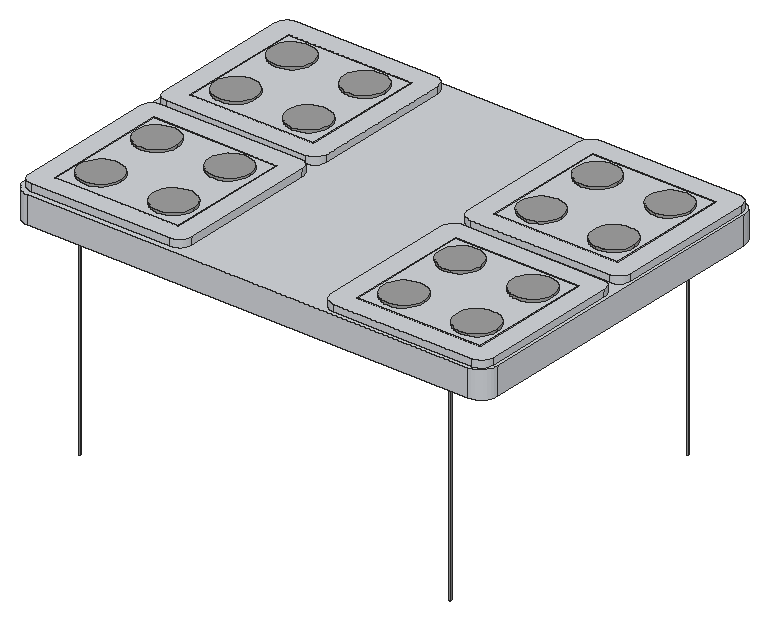
Revit family "Lighting-Industrial-GEWISS-SMART[4]HE_HIGHBAYS-LED_4M", category Apparecchi per illuminazione, Revit 2019
Family settings
  Quota connettore circolare = Usa diametro
  Tipo di parte = Normale
  Numero OmniClass = 23.80.70.00
  Titolo OmniClass = Lighting
  Basato su piano di lavoro = Sì
  Sempre verticale = No
  Taglio con vuoti quando caricato = No
  Sorgente d'illuminazione = No
  Condiviso = No
  Punto di calcolo locali = No
Parameters (values of type "GWS4422AQ857 - SMART4HB 4M C.PAS.ON/OFF ELL.57K")
  Wiring = "With GW connect watertight connector"
  Weight (kg): = "13,5"
  Warranty = "5 years"
  Voltaggio = 230 V
  Version file RFA = "20.11"
  Unique digital code (Datamatrix) = "Datamatrix"
  Unified Glare Rating = "-"
  URL = "https://www.gewiss.com/ww/en"
  Type of light source = "LED - Not replaceable"
  Tilt- = "With bracket accessory"
  Technical sheet = "https://www.gewiss.com/ww/en/search?q=GWS4422AQ857"
  System power = "189W"
  Supply voltage = "220 - 240 V"
  Stocking temperature = "-40 +70 °C"
  Standards and approvals = "-"
  Standard- = "EN 60598-1 ; EN 60598-2-1 ; EN 60598-2-24"
  Standard Deviation Colour Matching = "SDCM = 3"
  Spostamento_y_etichetta [instance] = 0 mm
  Spostamento_y_effettivo_etichetta [instance] = 1500 mm - Spostamento_y_etichetta  # 1500 mm
  Spostamento_x_etichetta [instance] = 0 mm
  Spostamento_x_effettivo_etichetta [instance] = 1500 mm - Spostamento_x_etichetta  # 1500 mm
  Shock resistance = "IK08"
  Shield type = "Tempered glass Thickness 4mm"
  SEO = "High bay"
  Realized by GEWISS S.p.A. = ""
  Rated frequency (Hz) = "50/60 Hz"
  Produttore = "GEWISS S.p.A."
  Photobiological Risk Class = "RG0"
  Overvoltage protection = "DM 6kV / CM 6kV"
  Optic and illuminating features = "-"
  Optic Maintenance = "Non-replaceable"
  Optic : = "Metallic PC reflector and PMMA lenses"
  Optic = "Elliptical"
  Operating temperature : = "-30°C ÷ +50 °C"
  Offset etichetta W [instance] = 150 mm
  Mouting and installation = "Ceiling - Wallmounting - Suspension"
  Modello = "GWS4422AQ857"
  Maximum surface exposed to the wind : = "0,350 m²"
  Materials = "-"
  Luminaire = "LED Industrial Reflector "
  Lumen output (lm) = "25100"
  Locking Hook = "-"
  Lifetime = "L90B10 (Tq+25°C) = 70.000 h - L90B10 (Tq+50°C) = 35.000 h"
  Lampada = "LED"
  LED Maintenance = "Non-replaceable"
  Insulation class = "I"
  Installationa and maintenance = "-"
  Immagine tipo = GWL1371.jpg
  IPEA = "-"
  IP degree = "IP66"
  IFC.TypeObject = ""
  IFC.ExportType = ""
  IFC.ExportAs = ""
  IDT = "6890b37086db4f8589ec8274e910b374"
  IDF = "235e4ef1-f93a-4013-a195-ab1449f62d2e"
  Glow Wire Test : = "850 °C"
  General information = "-"
  Gasket = "anti-aging silicone"
  Fixing = "-"
  External screw = "Stainless steel"
  Etichetta wattaggio [instance] = yes
  Spessore plafoniera = 40 mm  # constant formula
  Default Elevation = 1219.2 mm
  Proiettsmart4_simb [instance] = yes
  Plafoniera_bidimensionale [instance] = not(Proiettsmart4_simb)  # no
  Eletrical and lighting features = "-"
  Electrocod = "2444"
  Efficiency (lm/W) = "133"
  Driver Box = "Built-in"
  Driver = "Included"
  Device with reduced surface temperature = "Yes"
  Descrizione = "SMART[4]HB 4M C.PAS.ON/OFF ELL.57K"
  DIN 18032-3 certification = "With Bracket - Rope Kit + terminal&nbsp;(in approval)"
  Control System : = "ON / OFF"
  Control System = "ON / OFF"
  Context = "Lighting for industries and large sports facilities"
  Commenti sul wattaggio = "194W"
  Colour temperature = "5700K"
  Colour : = "Grey RAL 7035"
  Colour = "Grey RAL 7035"
  Color Rendering Index = "CRI-80"
  Classificazione = Lighting
  Classification: = "-"
  Catalogue = "LIGHTING"
  Carico apparente = 194 VA
  Lunghezza = 700 mm  # constant formula
  Larghezza = 504 mm  # constant formula
  Distanza_tot_plafoniera [instance] = 300 mm
  Distanza Sorg_Lum = 21.458 mm
  COBie.Tagnumber = ""
  COBie.CreatedOn = ""
  COBie.CreatebBy = ""
  COBie.ComponentRegisterItemID = ""
  COBie.Component.TagNumber = ""
  COBie.Component.Space = ""
  COBie.Component.SerialNumber = ""
  COBie.Component.InstallationDate = ""
  COBie.Component.Description = ""
  COBie.Component.BarCode = ""
  Body = "PA6 \"Halogen Free\" loaded fibreglass"
  Application = "Internal"
Types (36, lengths in mm): name | Unified Glare Rating | Technical sheet | SEO | Optic : | Optic | Modello | Lumen output (lm) | IDT | Efficiency (lm/W) | Descrizione | Colour temperature
  GWS4420AA830 - SMART4HB 4M ST.AL.ON/OFF ARR.30K | "UGR - 25" | "https://www.gewiss.com/ww/en/search?q=GWS4420AA830" | "" | "Metallized polycarbonate reflector" | "Array" | "GWS4420AA830" | "26700" | "4e0c0e58445f4e6bb806d6fc5e0ac675" | "141" | "SMART[4]HB 4M ST.AL.ON/OFF ARR.30K" | "3000K"
  GWS4420AA840 - SMART4HB 4M ST.AL.ON/OFF ARR.40K | "UGR - 25" | "https://www.gewiss.com/ww/en/search?q=GWS4420AA840" | "" | "Metallized polycarbonate reflector" | "Array" | "GWS4420AA840" | "28000" | "eebb22c9028a41cf902ca09310723cf1" | "148" | "SMART[4]HB 4M ST.AL.ON/OFF ARR.40K" | "4000K"
  GWS4420AA857 - SMART4HB 4M ST.AL.ON/OFF ARR.57K | "UGR - 25" | "https://www.gewiss.com/ww/en/search?q=GWS4420AA857" | "" | "Metallized polycarbonate reflector" | "Array" | "GWS4420AA857" | "28000" | "97e396ef24f74fc4aa103d35442bb234" | "148" | "SMART[4]HB 4M ST.AL.ON/OFF ARR.57K" | "5700K"
  GWS4420AC830 - SMART4HB 4M ST.AL.ON/OFF ASI.30K | "-" | "https://www.gewiss.com/ww/en/search?q=GWS4420AC830" | "High bay" | "Metallic PC reflector and PMMA lenses" | "Asymmetrical" | "GWS4420AC830" | "23900" | "178c4ecc585c4b079646763e97eabc12" | "126" | "SMART[4]HB 4M ST.AL.ON/OFF ASI.30K" | "3000K"
  GWS4420AC840 - SMART4HB 4M ST.AL.ON/OFF ASI.40K | "-" | "https://www.gewiss.com/ww/en/search?q=GWS4420AC840" | "High bay" | "Metallic PC reflector and PMMA lenses" | "Asymmetrical" | "GWS4420AC840" | "25100" | "a7922c87939b4761b0b5e7f05192ed32" | "133" | "SMART[4]HB 4M ST.AL.ON/OFF ASI.40K" | "4000K"
  GWS4420AC857 - SMART4HB 4M ST.AL.ON/OFF ASI.57K | "-" | "https://www.gewiss.com/ww/en/search?q=GWS4420AC857" | "High bay" | "Metallic PC reflector and PMMA lenses" | "Asymmetrical" | "GWS4420AC857" | "25100" | "b0c5ae25ac0848648d162299e4621cb9" | "133" | "SMART[4]HB 4M ST.AL.ON/OFF ASI.57K" | "5700K"
  GWS4420AF830 - SMART4HB 4M ST.AL.ON/OFF 30° 30K | "UGR - 19" | "https://www.gewiss.com/ww/en/search?q=GWS4420AF830" | "" | "Metallic PC reflector and PMMA lenses" | "30°" | "GWS4420AF830" | "26400" | "6655a54e95824026a0f280fc267ea869" | "140" | "SMART[4]HB 4M ST.AL.ON/OFF 30° 30K" | "3000K"
  GWS4420AF840 - SMART4HB 4M ST.AL.ON/OFF 30° 40K | "UGR - 19" | "https://www.gewiss.com/ww/en/search?q=GWS4420AF840" | "" | "Metallic PC reflector and PMMA lenses" | "30°" | "GWS4420AF840" | "27700" | "3f29aacfd3434814921446541a990021" | "147" | "SMART[4]HB 4M ST.AL.ON/OFF 30° 40K" | "4000K"
  GWS4420AF857 - SMART4HB 4M ST.AL.ON/OFF 30° 57K | "UGR - 19" | "https://www.gewiss.com/ww/en/search?q=GWS4420AF857" | "" | "Metallic PC reflector and PMMA lenses" | "30°" | "GWS4420AF857" | "27700" | "44effba00e624a32b4234a9822825670" | "147" | "SMART[4]HB 4M ST.AL.ON/OFF 30° 57K" | "5700K"
  GWS4420AH830 - SMART4HB 4M ST.AL.ON/OFF 60° 30K | "UGR - 19" | "https://www.gewiss.com/ww/en/search?q=GWS4420AH830" | "" | "Metallic PC reflector and PMMA lenses" | "60°" | "GWS4420AH830" | "26800" | "03c4418b48b3449b83b7d33f23de3248" | "142" | "SMART[4]HB 4M ST.AL.ON/OFF 60° 30K" | "3000K"
  GWS4420AH840 - SMART4HB 4M ST.AL.ON/OFF 60° 40K | "UGR - 19" | "https://www.gewiss.com/ww/en/search?q=GWS4420AH840" | "" | "Metallic PC reflector and PMMA lenses" | "60°" | "GWS4420AH840" | "28100" | "a850fd89ff46449a9d2888df6548251b" | "149" | "SMART[4]HB 4M ST.AL.ON/OFF 60° 40K" | "4000K"
  GWS4420AH857 - SMART4HB 4M ST.AL.ON/OFF 60° 57K | "UGR - 19" | "https://www.gewiss.com/ww/en/search?q=GWS4420AH857" | "" | "Metallic PC reflector and PMMA lenses" | "60°" | "GWS4420AH857" | "28100" | "414549eb60ae4fccbb3a203492c0e55a" | "149" | "SMART[4]HB 4M ST.AL.ON/OFF 60° 57K" | "5700K"
  GWS4420AP830 - SMART4HB 4M ST.AL.ON/OFF 90° 30K | "UGR - 22" | "https://www.gewiss.com/ww/en/search?q=GWS4420AP830" | "" | "Metallic PC reflector and PMMA lenses" | "90°" | "GWS4420AP830" | "27000" | "d894099a77e94d10b1f8b1f7cb790c2a" | "143" | "SMART[4]HB 4M ST.AL.ON/OFF 90° 30K" | "3000K"
  GWS4420AP840 - SMART4HB 4M ST.AL.ON/OFF 90° 40K | "UGR - 22" | "https://www.gewiss.com/ww/en/search?q=GWS4420AP840" | "" | "Metallic PC reflector and PMMA lenses" | "90°" | "GWS4420AP840" | "28300" | "076409e97e7848bf9a1e53078dd3edad" | "150" | "SMART[4]HB 4M ST.AL.ON/OFF 90° 40K" | "4000K"
  GWS4420AP857 - SMART4HB 4M ST.AL.ON/OFF 90° 57K | "UGR - 22" | "https://www.gewiss.com/ww/en/search?q=GWS4420AP857" | "" | "Metallic PC reflector and PMMA lenses" | "90°" | "GWS4420AP857" | "28300" | "b214265a0707411f87f9deee16dd748b" | "150" | "SMART[4]HB 4M ST.AL.ON/OFF 90° 57K" | "5700K"
  GWS4420AQ830 - SMART4HB 4M ST.AL.ON/OFF ELL.30K | "-" | "https://www.gewiss.com/ww/en/search?q=GWS4420AQ830" | "High bay" | "Metallic PC reflector and PMMA lenses" | "Elliptical" | "GWS4420AQ830" | "23900" | "632f0c30782e4cdb9b4834e01ced2926" | "126" | "SMART[4]HB 4M ST.AL.ON/OFF ELL.30K" | "3000K"
  GWS4420AQ840 - SMART4HB 4M ST.AL.ON/OFF ELL.40K | "-" | "https://www.gewiss.com/ww/en/search?q=GWS4420AQ840" | "High bay" | "Metallic PC reflector and PMMA lenses" | "Elliptical" | "GWS4420AQ840" | "25100" | "5ad67466323843d2ba54d098b13009bb" | "133" | "SMART[4]HB 4M ST.AL.ON/OFF ELL.40K" | "4000K"
  GWS4420AQ857 - SMART4HB 4M ST.AL.ON/OFF ELL.57K | "-" | "https://www.gewiss.com/ww/en/search?q=GWS4420AQ857" | "High bay" | "Metallic PC reflector and PMMA lenses" | "Elliptical" | "GWS4420AQ857" | "25100" | "027c7ae7cea8486b8bc057b61e3a2ead" | "133" | "SMART[4]HB 4M ST.AL.ON/OFF ELL.57K" | "5700K"
  GWS4422AA830 - SMART4HB 4M C.PAS.ON/OFF ARR.30K | "UGR - 25" | "https://www.gewiss.com/ww/en/search?q=GWS4422AA830" | "" | "Metallized polycarbonate reflector" | "Array" | "GWS4422AA830" | "26700" | "8b22e811133042e980ea909df6ab79f2" | "141" | "SMART[4]HB 4M C.PAS.ON/OFF ARR.30K" | "3000K"
  GWS4422AA840 - SMART4HB 4M C.PAS.ON/OFF ARR.40K | "UGR - 25" | "https://www.gewiss.com/ww/en/search?q=GWS4422AA840" | "" | "Metallized polycarbonate reflector" | "Array" | "GWS4422AA840" | "28000" | "8eb0b8cf33b64542a6d7b35aedeaaa66" | "148" | "SMART[4]HB 4M C.PAS.ON/OFF ARR.40K" | "4000K"
  GWS4422AA857 - SMART4HB 4M C.PAS.ON/OFF ARR.57K | "UGR - 25" | "https://www.gewiss.com/ww/en/search?q=GWS4422AA857" | "" | "Metallized polycarbonate reflector" | "Array" | "GWS4422AA857" | "28000" | "91e29f6a44ec47b9a16c623736b8568c" | "148" | "SMART[4]HB 4M C.PAS.ON/OFF ARR.57K" | "5700K"
  GWS4422AC830 - SMART4HB 4M C.PAS.ON/OFF ASI.30K | "-" | "https://www.gewiss.com/ww/en/search?q=GWS4422AC830" | "High bay" | "Metallic PC reflector and PMMA lenses" | "Asymmetrical" | "GWS4422AC830" | "23900" | "3142d78ebb1d46dfbab2a70f300f5c55" | "126" | "SMART[4]HB 4M C.PAS.ON/OFF ASI.30K" | "3000K"
  GWS4422AC840 - SMART4HB 4M C.PAS.ON/OFF ASI.40K | "-" | "https://www.gewiss.com/ww/en/search?q=GWS4422AC840" | "High bay" | "Metallic PC reflector and PMMA lenses" | "Asymmetrical" | "GWS4422AC840" | "25100" | "98647bfbdf4b49c69d0a2e95b1cbf5c7" | "133" | "SMART[4]HB 4M C.PAS.ON/OFF ASI.40K" | "4000K"
  GWS4422AC857 - SMART4HB 4M C.PAS.ON/OFF ASI.57K | "-" | "https://www.gewiss.com/ww/en/search?q=GWS4422AC857" | "High bay" | "Metallic PC reflector and PMMA lenses" | "Asymmetrical" | "GWS4422AC857" | "25100" | "b8cad932c0fb4ff2a42ce60a6818b90a" | "133" | "SMART[4]HB 4M C.PAS.ON/OFF ASI.57K" | "5700K"
  GWS4422AF830 - SMART4HB 4M C.PAS.ON/OFF 30° 30K | "UGR - 19" | "https://www.gewiss.com/ww/en/search?q=GWS4422AF830" | "" | "Metallic PC reflector and PMMA lenses" | "30°" | "GWS4422AF830" | "26400" | "8546d724cfd54ae491da9b9649650b77" | "140" | "SMART[4]HB 4M C.PAS.ON/OFF 30° 30K" | "3000K"
  GWS4422AF840 - SMART4HB 4M C.PAS.ON/OFF 30° 40K | "UGR - 19" | "https://www.gewiss.com/ww/en/search?q=GWS4422AF840" | "" | "Metallic PC reflector and PMMA lenses" | "30°" | "GWS4422AF840" | "27700" | "95b7538b05304ae78c4854f24e5e2a95" | "147" | "SMART[4]HB 4M C.PAS.ON/OFF 30° 40K" | "4000K"
  GWS4422AF857 - SMART4HB 4M C.PAS.ON/OFF 30° 57K | "UGR - 19" | "https://www.gewiss.com/ww/en/search?q=GWS4422AF857" | "" | "Metallic PC reflector and PMMA lenses" | "30°" | "GWS4422AF857" | "27700" | "1f2e8678abd84da4a6f1a904af53c362" | "147" | "SMART[4]HB 4M C.PAS.ON/OFF 30° 57K" | "5700K"
  GWS4422AH830 - SMART4HB 4M C.PAS.ON/OFF 60° 30K | "UGR - 19" | "https://www.gewiss.com/ww/en/search?q=GWS4422AH830" | "" | "Metallic PC reflector and PMMA lenses" | "60°" | "GWS4422AH830" | "26800" | "ac560f6d22e54929b93ddfee17664fda" | "142" | "SMART[4]HB 4M C.PAS.ON/OFF 60° 30K" | "3000K"
  GWS4422AH840 - SMART4HB 4M C.PAS.ON/OFF 60° 40K | "UGR - 19" | "https://www.gewiss.com/ww/en/search?q=GWS4422AH840" | "" | "Metallic PC reflector and PMMA lenses" | "60°" | "GWS4422AH840" | "28100" | "54a1c7a100534ebc9aca0c4b3dc0a3a5" | "149" | "SMART[4]HB 4M C.PAS.ON/OFF 60° 40K" | "4000K"
  GWS4422AH857 - SMART4HB 4M C.PAS.ON/OFF 60° 57K | "UGR - 19" | "https://www.gewiss.com/ww/en/search?q=GWS4422AH857" | "" | "Metallic PC reflector and PMMA lenses" | "60°" | "GWS4422AH857" | "28100" | "efeab08673814a45a9bdc8e99e1c43ac" | "149" | "SMART[4]HB 4M C.PAS.ON/OFF 60° 57K" | "5700K"
  GWS4422AP830 - SMART4HB 4M C.PAS.ON/OFF 90° 30K | "UGR - 22" | "https://www.gewiss.com/ww/en/search?q=GWS4422AP830" | "" | "Metallic PC reflector and PMMA lenses" | "90°" | "GWS4422AP830" | "27000" | "11747a9312a541eaa74cc63dee50071f" | "143" | "SMART[4]HB 4M C.PAS.ON/OFF 90° 30K" | "3000K"
  GWS4422AP840 - SMART4HB 4M C.PAS.ON/OFF 90° 40K | "UGR - 22" | "https://www.gewiss.com/ww/en/search?q=GWS4422AP840" | "" | "Metallic PC reflector and PMMA lenses" | "90°" | "GWS4422AP840" | "28300" | "00d7957bae114ae484ba73a11ac64616" | "150" | "SMART[4]HB 4M C.PAS.ON/OFF 90° 40K" | "4000K"
  GWS4422AP857 - SMART4HB 4M C.PAS.ON/OFF 90° 57K | "UGR - 22" | "https://www.gewiss.com/ww/en/search?q=GWS4422AP857" | "" | "Metallic PC reflector and PMMA lenses" | "90°" | "GWS4422AP857" | "28300" | "c8d20ceba3564f6dbf16b44af3ea5822" | "150" | "SMART[4]HB 4M C.PAS.ON/OFF 90° 57K" | "5700K"
  GWS4422AQ830 - SMART4HB 4M C.PAS.ON/OFF ELL.30K | "-" | "https://www.gewiss.com/ww/en/search?q=GWS4422AQ830" | "High bay" | "Metallic PC reflector and PMMA lenses" | "Elliptical" | "GWS4422AQ830" | "23900" | "ccf82dfadbc749248f8995485ed8a5c0" | "126" | "SMART[4]HB 4M C.PAS.ON/OFF ELL.30K" | "3000K"
  GWS4422AQ840 - SMART4HB 4M C.PAS.ON/OFF ELL.40K | "-" | "https://www.gewiss.com/ww/en/search?q=GWS4422AQ840" | "High bay" | "Metallic PC reflector and PMMA lenses" | "Elliptical" | "GWS4422AQ840" | "25100" | "482facb8de2542279a598528345308d5" | "133" | "SMART[4]HB 4M C.PAS.ON/OFF ELL.40K" | "4000K"
  GWS4422AQ857 - SMART4HB 4M C.PAS.ON/OFF ELL.57K | "-" | "https://www.gewiss.com/ww/en/search?q=GWS4422AQ857" | "High bay" | "Metallic PC reflector and PMMA lenses" | "Elliptical" | "GWS4422AQ857" | "25100" | "6890b37086db4f8589ec8274e910b374" | "133" | "SMART[4]HB 4M C.PAS.ON/OFF ELL.57K" | "5700K"
Reference planes
  plane 1 "Asse sorgente illuminazione (F/B)": y = 0
  plane 2 "2": z = 0
  plane 3 "Asse sorgente illuminazione (L/R)": x = 0
  plane 4 "Prospetto sorgente di illuminazione": z = 1500
  plane 5: x = -350
  plane 6: y = 252
  plane 7: x = 350
  plane 8: y = -252
  plane 9: x = 345
  plane 10: x = -345
  plane 11: x = -104.5
  plane 12: x = 104.5
  plane 13: y = 0
  plane 14: y = -1500
  plane 15: z = 300
  plane 16: z = 340
  plane 17: z = 350
  plane 18: x = -1500
  plane 19: x = 0
  plane 20: y = 0
Dimensions and locks
  equal spacing: plane 6, plane 1 "Asse sorgente illuminazione (F/B)", plane 8
  "Larghezza": plane 6 to plane 8
  equal spacing: plane 5, plane 3 "Asse sorgente illuminazione (L/R)", plane 7
  "Lunghezza": plane 5 to plane 7
  locked: plane 5 to plane 10 at 5
  locked: plane 9 to plane 7 at 5
  locked: plane 16 to plane 15 at 40
  plane 17 to plane 16 = 10 mm
  "Distanza_tot_plafoniera": plane 15 to plane 2 "2"
  plane 18 to plane 3 "Asse sorgente illuminazione (L/R)" = 1500 mm
  plane 1 "Asse sorgente illuminazione (F/B)" to plane 14 = 1500 mm
  "Spostamento_y_effettivo_etichetta": plane 20 to plane 14
  "Spostamento_x_effettivo_etichetta": plane 18 to plane 19
  aligned and locked: level to plane 2 "2"
  aligned and locked: plane 5 to nested 1
  aligned and locked: plane 6 to nested 1
  aligned and locked: plane 9 to nested 2  (x2)
  aligned and locked: plane 10 to nested 12
  aligned and locked: nested 1 to plane 15
  aligned and locked: nested 17 to plane 16
  aligned and locked: plane 16 to nested 12
  aligned and locked: plane 16 to nested 7
  aligned and locked: nested 2 to plane 16
  aligned and locked: plane 17 to nested 19
  aligned and locked: nested 21 to plane 17
  aligned and locked: plane 17 to nested 16
  aligned and locked: nested 14 to plane 17
  aligned and locked: plane 17 to nested 18
  aligned and locked: nested 20 to plane 17
  aligned and locked: plane 17 to nested 15
  aligned and locked: nested 13 to plane 17
  aligned and locked: nested 8 to plane 17
  aligned and locked: plane 17 to nested 10
  aligned and locked: nested 5 to plane 17
  aligned and locked: plane 17 to nested 3
  aligned and locked: nested 9 to plane 17
  aligned and locked: plane 17 to nested 11
  aligned and locked: nested 6 to plane 17
  aligned and locked: plane 17 to nested 4
  aligned and locked: nested 22 to plane 2 "2"
  aligned and locked: nested 23 to plane 2 "2"
  aligned and locked: nested 24 to plane 2 "2"
  aligned and locked: nested 25 to plane 2 "2"
  aligned and locked: nested 28 to plane 20
  aligned and locked: nested 28 to plane 19
Nested families
  nested 1: "Struttura_SMART 4" at (0, 0, 340), type "SMART 4 HB - 4 x 4L"
  nested 2: "mascherina_SMART (4)" at (225, 127, 350), type "Maschera_smart (4) 4L", detail levels fine
  nested 3: "Gewis - Led" at (172.217, 179, 353), type "Gewis - Led", detail levels medium+fine
  nested 4: "Gewis - Led" at (280, 179, 353), type "Gewis - Led", detail levels medium+fine
  nested 5: "Gewis - Led" at (172.217, 75, 353), type "Gewis - Led", detail levels medium+fine
  nested 6: "Gewis - Led" at (280, 75, 353), type "Gewis - Led", detail levels medium+fine
  nested 7: "mascherina_SMART (4)" at (225, -127, 350), type "Maschera_smart (4) 4L", detail levels fine
  nested 8: "Gewis - Led" at (172.217, -179, 353), type "Gewis - Led", detail levels medium+fine
  nested 9: "Gewis - Led" at (280, -179, 353), type "Gewis - Led", detail levels medium+fine
  nested 10: "Gewis - Led" at (172.217, -75, 353), type "Gewis - Led", detail levels medium+fine
  nested 11: "Gewis - Led" at (280, -75, 353), type "Gewis - Led", detail levels medium+fine
  nested 12: "mascherina_SMART (4)" at (-225, 127, 350) x (-1, 0, 0) z (0, 0, 1), type "Maschera_smart (4) 4L", detail levels fine
  nested 13: "Gewis - Led" at (-172.217, 179, 353) x (-1, 0, 0) z (0, 0, 1), type "Gewis - Led", detail levels medium+fine
  nested 14: "Gewis - Led" at (-280, 179, 353) x (-1, 0, 0) z (0, 0, 1), type "Gewis - Led", detail levels medium+fine
  nested 15: "Gewis - Led" at (-172.217, 75, 353) x (-1, 0, 0) z (0, 0, 1), type "Gewis - Led", detail levels medium+fine
  nested 16: "Gewis - Led" at (-280, 75, 353) x (-1, 0, 0) z (0, 0, 1), type "Gewis - Led", detail levels medium+fine
  nested 17: "mascherina_SMART (4)" at (-225, -123, 350) x (-1, 0, 0) z (0, 0, 1), type "Maschera_smart (4) 4L", detail levels fine
  nested 18: "Gewis - Led" at (-172.217, -175, 353) x (-1, 0, 0) z (0, 0, 1), type "Gewis - Led", detail levels medium+fine
  nested 19: "Gewis - Led" at (-280, -175, 353) x (-1, 0, 0) z (0, 0, 1), type "Gewis - Led", detail levels medium+fine
  nested 20: "Gewis - Led" at (-172.217, -71, 353) x (-1, 0, 0) z (0, 0, 1), type "Gewis - Led", detail levels medium+fine
  nested 21: "Gewis - Led" at (-280, -71, 353) x (-1, 0, 0) z (0, 0, 1), type "Gewis - Led", detail levels medium+fine
  nested 22: "Sospensione_ SMART LAB 4" at (274.338, -220.687, 0), Altezza sospensione <- "Distanza_tot_plafoniera", type "Sospensione_ SMART LAB 4"
    with Altezza sospensione 300 mm
  nested 23: "Sospensione_ SMART LAB 4" at (274.338, 219.313, 0), Altezza sospensione <- "Distanza_tot_plafoniera", type "Sospensione_ SMART LAB 4"
    with Altezza sospensione 300 mm
  nested 24: "Sospensione_ SMART LAB 4" at (-274.338, -220.687, 0), Altezza sospensione <- "Distanza_tot_plafoniera", type "Sospensione_ SMART LAB 4"
    with Altezza sospensione 300 mm
  nested 25: "Sospensione_ SMART LAB 4" at (-274.338, 219.313, 0), Altezza sospensione <- "Distanza_tot_plafoniera", type "Sospensione_ SMART LAB 4"
    with Altezza sospensione 300 mm
  nested 26: "Rappr_ bidimensionale" at (0, 0, 0), visible <- "Plafoniera_bidimensionale", type "4 X4 LED"
  nested 27: "PROIETTSMART - 4" at (0, 0, 0), visible <- "Proiettsmart4_simb", type "PROIETTSMART - 4"
  nested 28: "ETICHETTA LIGHT" at (0, 0, 0), type "ETICHETTA LIGHT"
Connectors
  electrical at (0.009, -0.098, 300), driven by "Classificazione", driven by "Carico apparente"
    settings: on nested 1, index 1, voltage 230 V, apparent load 0 VA, apparent load phase1 194 VA, apparent load phase2 0 VA, apparent load phase3 0 VA, power factor 1, load classification "Lighting", number of poles 2, system type 31, power factor state 1, is connector primary yes, connector utility no, sub classification motor no, connector description ""
Definition of nested family "Struttura_SMART 4"
  Parameters (values of type "SMART 4 HB - 4 x 4L")
    Struttura plafoniera = none
    Spessore_plafoniera = 40 mm
    Lunghezza = 700 mm
    Larghezza = 504 mm
  Types (2, lengths in mm): name | Lunghezza | Larghezza
    SMART 4 HB - 4+4L | 699 | 254
    SMART 4 HB - 4 x 4L | 700 | 504
  Reference planes
    plane 1 "Asse sorgente illuminazione (F/B)": y = 0
    plane 2: z = 0
    plane 3 "Asse sorgente illuminazione (L/R)": x = 0
    plane 4 "Prospetto sorgente di illuminazione": z = -40
    plane 5 "SX": x = -350
    plane 6 "DX": x = 350
    plane 7 "DIETRO": y = 252
    plane 8 "AVANTI": y = -252
    plane 9: x = 107
    plane 10: x = 339
    plane 11: y = -241
    plane 12: y = 241
    plane 13: x = -339
    plane 14: x = -107
  Forms (mm)
    Extrusion 1, solid, material <- "Struttura plafoniera"
      sketch origin (0, 0, 0) x (1, 0, 0) y (0, 1, 0)
        loop
          line (350, -227.595) -> (350, 227.59)
          arc (350, 227.59) -> (342.85, 244.85) -> (325.59, 252) r 24.41
          line (325.59, 252) -> (-325.509, 252)
          arc (-325.509, 252) -> (-343.054, 244.6) -> (-350, 226.871) r 24.499
          line (-350, 226.871) -> (-350, -227.592)
          arc (-350, -227.592) -> (-342.851, -244.851) -> (-325.592, -252) r 24.408
          line (-325.592, -252) -> (325.617, -252)
          arc (325.617, -252) -> (342.834, -244.868) -> (349.965, -227.652) r 24.348
      from -40 to 0
  Dimensions and locks
    equal spacing: plane 5 "SX", plane 3 "Asse sorgente illuminazione (L/R)", plane 6 "DX"
    equal spacing: plane 7 "DIETRO", plane 1 "Asse sorgente illuminazione (F/B)", plane 8 "AVANTI"
    "Lunghezza": plane 5 "SX" to plane 6 "DX"
    "Larghezza": plane 7 "DIETRO" to plane 8 "AVANTI"
    locked: plane 7 "DIETRO" to plane 12 at 11
    locked: plane 11 to plane 8 "AVANTI" at 11
    locked: plane 10 to plane 6 "DX" at 11
    locked: plane 9 to plane 10 at 232
    plane 13 to plane 14 = 232 mm
    locked: plane 5 "SX" to plane 13 at 11
    "Spessore_plafoniera": plane 2 to plane 4 "Prospetto sorgente di illuminazione"
    aligned and locked: level to plane 2
    aligned and locked: Extrusion 1 to plane 5 "SX"
    aligned and locked: Extrusion 1 to plane 8 "AVANTI"  (x2)
    aligned and locked: plane 7 "DIETRO" to Extrusion 1
    aligned and locked: plane 6 "DX" to Extrusion 1
    aligned and locked: plane 4 "Prospetto sorgente di illuminazione" to Extrusion 1
    aligned and locked: plane 2 to Extrusion 1
  Automatic sketch dimensions
    Extrusion 1 sketch curve to plane 5 "SX" = 0 mm
    Extrusion 1 sketch curve to plane 8 "AVANTI" = 0 mm
    Extrusion 1 sketch curve to plane 7 "DIETRO" = 0 mm
    Extrusion 1 sketch curve to plane 6 "DX" = 0 mm
    plane 13 to Extrusion 1 sketch curve = 13.408 mm
    plane 13 to Extrusion 1 sketch curve = 13.491 mm
    Extrusion 1 sketch curve to plane 10 = 13.41 mm
    Extrusion 1 sketch curve to plane 10 = 13.383 mm
    plane 11 to Extrusion 1 sketch curve = 13.348 mm
    Extrusion 1 sketch curve to plane 12 = 14.129 mm
    Extrusion 1 sketch curve to Extrusion 1 sketch curve = 0.056 mm
Definition of nested family "mascherina_SMART (4)"
  Parameters (values of type "Maschera_smart (4) 4L")
    Spessore_mascherina = 10 mm
    Default Elevation = 1219.2 mm
    N.intarsi = (Lunghezza_mascherina - (Bordo * 2)) / 15 mm  # 12
    N._intarsi verticale = (Larghezza_mascherina - (Bordo * 2)) / 17 mm  # 11
    Mascherina = none
    Lunghezza_mascherina = 240 mm
    Larghezza_mascherina = 240 mm
    Distanza_intarsi v. = 41 mm  # constant formula
    Distanza_intarsi = 37 mm  # constant formula
    Bordo = 29 mm
  Reference planes
    plane 1 "Centro (Fronte/Retro)": y = 0
    plane 2: z = 0
    plane 3 "Centro (Sinistra/Destra)": x = 0
    plane 4: x = -120
    plane 5 "Dietro": y = 120
    plane 6: x = 120
    plane 7: y = -120
    plane 8: x = -91
    plane 9: y = -91
    plane 10: x = 91
    plane 11: y = 91
    plane 12: x = -83
    plane 13: y = 94.742
    plane 14: y = -95
    plane 15: z = -10
    plane 16: x = -95
    plane 17: y = 79
    plane 18: y = -79
    plane 19: x = 95
    plane 20: z = -4.799
  Forms (mm)
    Extrusion 1, solid, material <- "Mascherina"
      sketch origin (0, 0, 0) x (1, 0, 0) y (0, 1, 0)
        loop
          arc (-102.5, 120) -> (-114.874, 114.874) -> (-120, 102.5) r 17.5
          line (-120, 102.5) -> (-120, -102.5)
          arc (-120, -102.5) -> (-114.874, -114.874) -> (-102.5, -120) r 17.5
          line (-102.5, -120) -> (102.5, -120)
          arc (102.5, -120) -> (114.874, -114.874) -> (120, -102.5) r 17.5
          line (120, -102.5) -> (120, 102.5)
          arc (120, 102.5) -> (114.874, 114.874) -> (102.5, 120) r 17.5
          line (102.5, 120) -> (-102.5, 120)
        loop
          line (-91, 91) -> (-91, -91) -> (91, -91) -> (91, 91) -> (-91, 91)
      from -10 to 0
    Extrusion 2, solid, material <- "Mascherina"
      sketch origin (0, 0, 0) x (1, 0, 0) y (0, 1, 0)
        loop
          line (-91, 91) -> (-91, -91) -> (91, -91) -> (91, 91) -> (-91, 91)
      from -4.799 to 0
  Dimensions and locks
    equal spacing: plane 4, plane 3 "Centro (Sinistra/Destra)", plane 6
    "Lunghezza_mascherina": plane 4 to plane 6
    equal spacing: plane 5 "Dietro", plane 1 "Centro (Fronte/Retro)", plane 7
    "Larghezza_mascherina": plane 5 "Dietro" to plane 7
    "Bordo": plane 4 to plane 8
    "Bordo": plane 9 to plane 7
    "Bordo": plane 5 "Dietro" to plane 11
    "Bordo": plane 10 to plane 6
    "Distanza_intarsi": plane 4 to plane 12
    locked: plane 13 to plane 11 at 3.742
    "Spessore_mascherina": plane 2 to plane 15
    "Distanza_intarsi v.": plane 5 "Dietro" to plane 17
    "Distanza_intarsi v.": plane 18 to plane 7
    locked: plane 9 to plane 14 at 4
    locked: plane 16 to plane 8 at 4
    locked: plane 10 to plane 19 at 4
    locked: plane 2 to plane 20 at 4.799
    radius of Extrusion 1 sketch curve = 17.5 mm  (x4)
    aligned and locked: level to plane 2
    aligned and locked: plane 4 to Extrusion 1 sketch curve
    aligned and locked: plane 6 to Extrusion 1 sketch curve
    aligned and locked: Extrusion 1 sketch curve to plane 5 "Dietro"
    aligned and locked: Extrusion 1 sketch curve to plane 7
    aligned and locked: Extrusion 1 sketch curve to plane 11
    aligned and locked: plane 8 to Extrusion 1 sketch curve
    aligned and locked: plane 9 to Extrusion 1 sketch curve
    aligned and locked: Extrusion 1 sketch curve to plane 10
    aligned and locked: plane 2 to Extrusion 1
    aligned and locked: Extrusion 1 to plane 15
    aligned and locked: Extrusion 2 sketch curve to plane 10
    aligned and locked: plane 9 to Extrusion 2 sketch curve
    aligned and locked: plane 8 to Extrusion 2 sketch curve
    aligned and locked: Extrusion 2 sketch curve to plane 11
    aligned and locked: plane 2 to Extrusion 2
    aligned and locked: Extrusion 2 to plane 20
Definition of nested family "Gewis - Led"
  Parameters (values of type "Gewis - Led")
    Vetro = none
    Raggio led = 30 mm
    Default Elevation = 1219.2 mm
    Estensione vetro = 3 mm
  Reference planes
    plane 1 "Centro (Fronte/Retro)": y = 0
    plane 2: z = 0
    plane 3 "Centro (Sinistra/Destra)": x = 0
  Forms (mm)
    Extrusion 1, solid, material <- "Vetro"
      sketch origin (0, 0, 0) x (1, 0, 0) y (0, 1, 0)
        loop
          circle (0, 0) r 30
      from -3 to 0
  Dimensions and locks
    "Estensione vetro": level to Extrusion 1
    "Raggio led": radius of Extrusion 1 sketch curve
    aligned and locked: level to plane 2
    aligned and locked: level to Extrusion 1
  Automatic sketch dimensions
    plane 1 "Centro (Fronte/Retro)" to Extrusion 1 sketch curve = 0 mm
    Extrusion 1 sketch curve to plane 3 "Centro (Sinistra/Destra)" = 0 mm
Definition of nested family "Sospensione_ SMART LAB 4"
  Parameters (values of type "Sospensione_ SMART LAB 4")
    Default Elevation = 1219.2 mm
    Altezza sospensione [instance] = 500 mm
  Reference planes
    plane 1 "Center (Front/Back)": y = 0
    plane 2: z = 0
    plane 3 "Center (Left/Right)": x = 0
    plane 4: z = 500
  Forms (mm)
    Extrusion 1, solid
      sketch origin (0, 0, 0) x (1, 0, 0) y (0, 1, 0)
        loop
          circle (0, -0.028) r 1.25
      from 0 to 500
  Lines and regions (mm)
    model lines, not visible
      curve 1: line (0, 0, 0) -> (0, 0, 9.482)
  Dimensions and locks
    "Altezza sospensione": plane 4 to level
    plane 4 to plane 2 = 500 mm
    aligned and locked: level to plane 2
    aligned and locked: plane 4 to Extrusion 1
    aligned and locked: Extrusion 1 to plane 2
  Automatic sketch dimensions
    Extrusion 1 sketch curve to plane 3 "Center (Left/Right)" = 0 mm
    plane 1 "Center (Front/Back)" to Extrusion 1 sketch curve = 0.028 mm
    curve 1 to plane 3 "Center (Left/Right)" = 0 mm
    curve 1 to level = 0 mm
    curve 1 to curve 1 = 9.482 mm
    radius of Extrusion 1 sketch curve = 1.25 mm
Definition of nested family "Rappr_ bidimensionale"
  Parameters (values of type "4 X4 LED")
    5 LED = no
    4 LED = not([5 LED])  # yes
  Reference planes
    plane 1 "Centro (Fronte/Retro)": y = 0
    plane 2: z = 0
    plane 3 "Centro (Sinistra/Destra)": x = 0
  Lines and regions (mm)
    model lines, in view "Livello rif.", visible <- "4 LED"
      curve 1: circle (176.124, 171.566, 0) r 28.619 normal (0, 0, 1)
      curve 2: circle (270.124, 77.566, 0) r 28.619 normal (0, 0, 1)
      curve 3: circle (176.124, 77.566, 0) r 28.619 normal (0, 0, 1)
      curve 4: circle (270.124, 171.566, 0) r 28.619 normal (0, 0, 1)
      curve 5: circle (-175.025, 77.434, 0) r 28.619 normal (0, 0, 1)
      curve 6: circle (-269.025, 171.434, 0) r 28.619 normal (0, 0, 1)
      curve 7: circle (-175.025, 171.434, 0) r 28.619 normal (0, 0, 1)
      curve 8: circle (-269.025, 77.434, 0) r 28.619 normal (0, 0, 1)
      curve 9: circle (-175.025, -171.611, 0) r 28.619 normal (0, 0, 1)
      curve 10: circle (-269.025, -77.611, 0) r 28.619 normal (0, 0, 1)
      curve 11: circle (-175.025, -77.611, 0) r 28.619 normal (0, 0, 1)
      curve 12: circle (-269.025, -171.611, 0) r 28.619 normal (0, 0, 1)
      curve 13: circle (176.124, -77.434, 0) r 28.619 normal (0, 0, 1)
      curve 14: circle (270.124, -171.434, 0) r 28.619 normal (0, 0, 1)
      curve 15: circle (176.124, -171.434, 0) r 28.619 normal (0, 0, 1)
      curve 16: circle (270.124, -77.434, 0) r 28.619 normal (0, 0, 1)
    model lines, in view "Livello rif."
      curve 17: arc (-326.07, 251.865, 0) -> (-342.562, 245.006, 0) -> (-349.39, 228.5, 0) r 23.365
      curve 18: arc (350.489, 228.546, 0) -> (343.613, 245.054, 0) -> (327.079, 251.865, 0) r 23.365
      curve 19: arc (327.098, -251.865, 0) -> (343.653, -245.015, 0) -> (350.489, -228.454, 0) r 23.365
      curve 20: arc (-349.39, -228.5, 0) -> (-342.555, -245.013, 0) -> (-326.05, -251.865, 0) r 23.365
      curve 21: arc (-102.728, -20.5, 0) -> (-107.214, -9.678, 0) -> (-118.041, -5.203, 0) r 15.297
      curve 22: arc (-118.041, 5.203, 0) -> (-107.214, 9.678, 0) -> (-102.728, 20.5, 0) r 15.297
      curve 23: arc (-118.041, -243.797, 0) -> (-107.214, -239.322, 0) -> (-102.728, -228.5, 0) r 15.297
      curve 24: arc (327.107, 5.203, 0) -> (337.947, 9.69, 0) -> (342.421, 20.535, 0) r 15.297
      curve 25: arc (103.827, 20.465, 0) -> (108.314, 9.677, 0) -> (119.107, 5.203, 0) r 15.297
      curve 26: arc (119.089, 243.797, 0) -> (108.308, 239.316, 0) -> (103.827, 228.535, 0) r 15.297
      curve 27: arc (342.421, 228.535, 0) -> (337.916, 239.341, 0) -> (327.089, 243.797, 0) r 15.297
      curve 28: arc (-341.321, 20.535, 0) -> (-336.859, 9.702, 0) -> (-326.041, 5.203, 0) r 15.297
      curve 29: arc (-326.059, 243.797, 0) -> (-336.865, 239.292, 0) -> (-341.321, 228.465, 0) r 15.297
      curve 30: arc (-102.728, 228.5, 0) -> (-107.22, 239.329, 0) -> (-118.059, 243.797, 0) r 15.297
      curve 31: arc (342.421, -20.465, 0) -> (337.922, -9.666, 0) -> (327.107, -5.203, 0) r 15.297
      curve 32: arc (327.107, -243.797, 0) -> (337.947, -239.31, 0) -> (342.421, -228.465, 0) r 15.297
      curve 33: arc (103.827, -228.535, 0) -> (108.314, -239.323, 0) -> (119.107, -243.797, 0) r 15.297
      curve 34: arc (119.107, -5.203, 0) -> (108.314, -9.677, 0) -> (103.827, -20.465, 0) r 15.297
      curve 35: arc (-341.321, -228.465, 0) -> (-336.859, -239.298, 0) -> (-326.041, -243.797, 0) r 15.297
      curve 36: arc (-326.041, -5.203, 0) -> (-336.859, -9.702, 0) -> (-341.321, -20.535, 0) r 15.297
      curve 37: line (130.624, 32, 0) -> (130.624, 217, 0)
      curve 38: line (130.624, 217, 0) -> (315.624, 217, 0)
      curve 39: line (315.624, 217, 0) -> (315.624, 32, 0)
      curve 40: line (315.624, 32, 0) -> (130.624, 32, 0)
      curve 41: line (-129.525, 32, 0) -> (-314.525, 32, 0)
      curve 42: line (-314.525, 32, 0) -> (-314.525, 217, 0)
      curve 43: line (-314.525, 217, 0) -> (-129.525, 217, 0)
      curve 44: line (-129.525, 217, 0) -> (-129.525, 32, 0)
      curve 45: line (-129.525, -217.045, 0) -> (-314.525, -217.045, 0)
      curve 46: line (-314.525, -217.045, 0) -> (-314.525, -32.045, 0)
      curve 47: line (-314.525, -32.045, 0) -> (-129.525, -32.045, 0)
      curve 48: line (-129.525, -32.045, 0) -> (-129.525, -217.045, 0)
      curve 49: line (130.624, -217, 0) -> (130.624, -32, 0)
      curve 50: line (130.624, -32, 0) -> (315.624, -32, 0)
      curve 51: line (315.624, -32, 0) -> (315.624, -217, 0)
      curve 52: line (315.624, -217, 0) -> (130.624, -217, 0)
      curve 53: line (-349.39, 228.5, 0) -> (-349.39, -228.5, 0)
      curve 54: line (327.079, 251.865, 0) -> (-326.07, 251.865, 0)
      curve 55: line (350.489, -228.454, 0) -> (350.489, 228.546, 0)
      curve 56: line (327.098, -251.865, 0) -> (-326.05, -251.865, 0)
      curve 57: line (-102.728, -228.5, 0) -> (-102.728, -20.5, 0)
      curve 58: line (-326.041, -5.203, 0) -> (-118.041, -5.203, 0)
      curve 59: line (-102.728, 20.5, 0) -> (-102.728, 228.5, 0)
      curve 60: line (-326.041, 5.203, 0) -> (-118.041, 5.203, 0)
      curve 61: line (119.107, 5.203, 0) -> (327.107, 5.203, 0)
      curve 62: line (103.827, 20.465, 0) -> (103.827, 228.535, 0)
      curve 63: line (119.089, 243.797, 0) -> (327.089, 243.797, 0)
      curve 64: line (342.421, 20.535, 0) -> (342.421, 228.535, 0)
      curve 65: line (-341.321, 20.535, 0) -> (-341.321, 228.465, 0)
      curve 66: line (-326.059, 243.797, 0) -> (-118.059, 243.797, 0)
      curve 67: line (119.107, -5.203, 0) -> (327.107, -5.203, 0)
      curve 68: line (342.421, -228.465, 0) -> (342.421, -20.465, 0)
      curve 69: line (119.107, -243.797, 0) -> (327.107, -243.797, 0)
      curve 70: line (103.827, -228.535, 0) -> (103.827, -20.465, 0)
      curve 71: line (-326.041, -243.797, 0) -> (-118.041, -243.797, 0)
      curve 72: line (-341.321, -228.465, 0) -> (-341.321, -20.535, 0)
    detail lines, in view "Livello rif.", visible <- "5 LED"
      curve 73: circle (-223.979, 122.48, 0) r 28.619 normal (0, 0, 1)
      curve 74: circle (-175.025, 77.434, 0) r 28.619 normal (0, 0, 1)
      curve 75: circle (-269.025, 171.434, 0) r 28.619 normal (0, 0, 1)
      curve 76: circle (-175.025, 171.434, 0) r 28.619 normal (0, 0, 1)
      curve 77: circle (-269.025, 77.434, 0) r 28.619 normal (0, 0, 1)
      curve 78: circle (176.124, 171.566, 0) r 28.619 normal (0, 0, 1)
      curve 79: circle (270.124, 77.566, 0) r 28.619 normal (0, 0, 1)
      curve 80: circle (176.124, 77.566, 0) r 28.619 normal (0, 0, 1)
      curve 81: circle (270.124, 171.566, 0) r 28.619 normal (0, 0, 1)
      curve 82: circle (-175.025, -171.611, 0) r 28.619 normal (0, 0, 1)
      curve 83: circle (-269.025, -77.611, 0) r 28.619 normal (0, 0, 1)
      curve 84: circle (-175.025, -77.611, 0) r 28.619 normal (0, 0, 1)
      curve 85: circle (-269.025, -171.611, 0) r 28.619 normal (0, 0, 1)
      curve 86: circle (176.124, -77.434, 0) r 28.619 normal (0, 0, 1)
      curve 87: circle (270.124, -171.434, 0) r 28.619 normal (0, 0, 1)
      curve 88: circle (176.124, -171.434, 0) r 28.619 normal (0, 0, 1)
      curve 89: circle (270.124, -77.434, 0) r 28.619 normal (0, 0, 1)
      curve 90: circle (-221.479, -125.02, 0) r 28.619 normal (0, 0, 1)
      curve 91: circle (221.694, -125.02, 0) r 28.619 normal (0, 0, 1)
      curve 92: circle (221.694, 124.956, 0) r 28.619 normal (0, 0, 1)
Definition of nested family "PROIETTSMART - 4"
  Reference planes
    plane 1 "Centro (Fronte/Retro)": y = 0
    plane 2: z = 0
    plane 3 "Centro (Sinistra/Destra)": x = 0
  Lines and regions (mm)
    model lines, in view "Livello rif."
      curve 1: line (134.982, -122.65, 0) -> (68.521, -89.561, 0)
      curve 2: line (68.521, -89.561, 0) -> (134.982, -56.075, 0)
      curve 3: line (134.982, -56.075, 0) -> (134.982, -122.65, 0)
      curve 4: line (68.521, -56.274, 0) -> (68.521, -122.849, 0)
      curve 5: line (68.521, -89.561, 0) -> (29.658, -89.561, 0)
      curve 6: line (134.982, -89.362, 0) -> (163.679, -89.362, 0)
      curve 7: line (198.934, -192.237, 0) -> (-201.066, -192.237, 0)
      curve 8: line (19.872, -13.139, 0) -> (172.718, -13.139, 0)
      curve 9: line (172.718, -13.139, 0) -> (172.718, -165.984, 0)
      curve 10: line (172.718, -165.984, 0) -> (19.872, -165.984, 0)
      curve 11: line (19.872, -165.984, 0) -> (19.872, -13.139, 0)
      curve 12: line (-59.74, -122.65, 0) -> (-126.201, -89.561, 0)
      curve 13: line (-126.201, -89.561, 0) -> (-59.74, -56.075, 0)
      curve 14: line (-59.74, -56.075, 0) -> (-59.74, -122.65, 0)
      curve 15: line (-126.201, -56.274, 0) -> (-126.201, -122.849, 0)
      curve 16: line (-126.201, -89.561, 0) -> (-165.064, -89.561, 0)
      curve 17: line (-59.74, -89.362, 0) -> (-31.043, -89.362, 0)
      curve 18: line (-174.85, -13.139, 0) -> (-22.005, -13.139, 0)
      curve 19: line (-22.005, -13.139, 0) -> (-22.005, -165.984, 0)
      curve 20: line (-22.005, -165.984, 0) -> (-174.85, -165.984, 0)
      curve 21: line (-174.85, -165.984, 0) -> (-174.85, -13.139, 0)
      curve 22: line (134.982, 56.449, 0) -> (68.521, 89.537, 0)
      curve 23: line (68.521, 89.537, 0) -> (134.982, 123.023, 0)
      curve 24: line (134.982, 123.023, 0) -> (134.982, 56.449, 0)
      curve 25: line (68.521, 122.824, 0) -> (68.521, 56.25, 0)
      curve 26: line (68.521, 89.537, 0) -> (29.658, 89.537, 0)
      curve 27: line (134.982, 89.736, 0) -> (163.679, 89.736, 0)
      curve 28: line (19.872, 165.96, 0) -> (172.718, 165.96, 0)
      curve 29: line (172.718, 165.96, 0) -> (172.718, 13.114, 0)
      curve 30: line (172.718, 13.114, 0) -> (19.872, 13.114, 0)
      curve 31: line (19.872, 13.114, 0) -> (19.872, 165.96, 0)
      curve 32: line (198.934, -192.237, 0) -> (198.934, 192.237, 0)
      curve 33: line (198.934, 192.237, 0) -> (-201.066, 192.237, 0)
      curve 34: line (-201.066, 192.237, 0) -> (-201.066, -192.237, 0)
      curve 35: line (-59.74, 56.449, 0) -> (-126.201, 89.537, 0)
      curve 36: line (-126.201, 89.537, 0) -> (-59.74, 123.023, 0)
      curve 37: line (-59.74, 123.023, 0) -> (-59.74, 56.449, 0)
      curve 38: line (-126.201, 122.824, 0) -> (-126.201, 56.25, 0)
      curve 39: line (-126.201, 89.537, 0) -> (-165.064, 89.537, 0)
      curve 40: line (-59.74, 89.736, 0) -> (-31.043, 89.736, 0)
      curve 41: line (-174.85, 165.96, 0) -> (-22.005, 165.96, 0)
      curve 42: line (-22.005, 165.96, 0) -> (-22.005, 13.114, 0)
      curve 43: line (-22.005, 13.114, 0) -> (-174.85, 13.114, 0)
      curve 44: line (-174.85, 13.114, 0) -> (-174.85, 165.96, 0)
Definition of nested family "ETICHETTA LIGHT"
  Parameters (values of type "ETICHETTA LIGHT")
    COMMENTI = "236W"
  Reference planes
    plane 1: y = 0
    plane 2: x = 0
  Text (mm)
    label "COMMENTI" at (-0.057, 0.105, 0), shows "COMMENTI"
